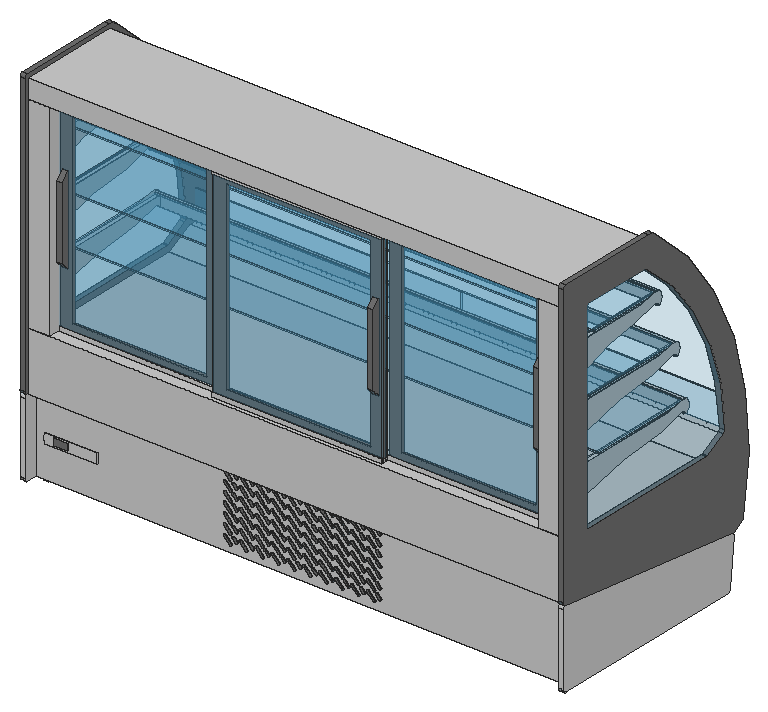
Revit family "QF_INFRICO_VBR18DS_250814024348", category Specialty Equipment, Revit 2021 (continued)
Definition of nested family "QF_INFRICO_VBR18DS_2920"
  Forms (mm)
    Extrusion 68, solid
      sketch origin (1955.876, -765.123, -1.698) x (-1, 0, 0) y (0, 0, 1)
        loop
          line (977.168, 243.012) -> (965.855, 231.698)
          arc (965.855, 231.698) -> (965.855, 225.335) -> (972.219, 225.335) r 4.5
        loop
          line (992.976, 246.364) -> (1014.896, 268.284)
          arc (1014.896, 268.284) -> (1014.896, 274.648) -> (1008.532, 274.648) r 4.5
          line (1008.532, 274.648) -> (986.612, 252.728)
          arc (986.612, 252.728) -> (986.612, 246.364) -> (992.976, 246.364) r 4.5
        loop
          line (972.219, 259.335) -> (983.532, 270.648)
          arc (983.532, 270.648) -> (983.532, 277.012) -> (977.168, 277.012) r 4.5
          line (977.168, 277.012) -> (965.855, 265.698)
          arc (965.855, 265.698) -> (965.855, 259.335) -> (972.219, 259.335) r 4.5
        loop
          line (936.976, 42.364) -> (958.896, 64.284)
          arc (958.896, 64.284) -> (958.896, 70.648) -> (952.532, 70.648) r 4.5
          line (952.532, 70.648) -> (930.612, 48.728)
          arc (930.612, 48.728) -> (930.612, 42.364) -> (936.976, 42.364) r 4.5
        loop
          line (916.219, 55.335) -> (927.532, 66.648)
          arc (927.532, 66.648) -> (927.532, 73.012) -> (921.168, 73.012) r 4.5
          line (921.168, 73.012) -> (909.855, 61.698)
          arc (909.855, 61.698) -> (909.855, 55.335) -> (916.219, 55.335) r 4.5
        loop
          line (936.976, 76.364) -> (958.896, 98.284)
          arc (958.896, 98.284) -> (958.896, 104.648) -> (952.532, 104.648) r 4.5
          line (952.532, 104.648) -> (930.612, 82.728)
          arc (930.612, 82.728) -> (930.612, 76.364) -> (936.976, 76.364) r 4.5
        loop
          line (916.219, 89.335) -> (927.532, 100.648)
          arc (927.532, 100.648) -> (927.532, 107.012) -> (921.168, 107.012) r 4.5
          line (921.168, 107.012) -> (909.855, 95.698)
          arc (909.855, 95.698) -> (909.855, 89.335) -> (916.219, 89.335) r 4.5
        loop
          line (936.976, 110.364) -> (958.896, 132.284)
          arc (958.896, 132.284) -> (958.896, 138.648) -> (952.532, 138.648) r 4.5
          line (952.532, 138.648) -> (930.612, 116.728)
          arc (930.612, 116.728) -> (930.612, 110.364) -> (936.976, 110.364) r 4.5
        loop
          line (916.219, 123.335) -> (927.532, 134.648)
          arc (927.532, 134.648) -> (927.532, 141.012) -> (921.168, 141.012) r 4.5
          line (921.168, 141.012) -> (909.855, 129.698)
          arc (909.855, 129.698) -> (909.855, 123.335) -> (916.219, 123.335) r 4.5
        loop
          line (936.976, 144.364) -> (958.896, 166.284)
          arc (958.896, 166.284) -> (958.896, 172.648) -> (952.532, 172.648) r 4.5
          line (952.532, 172.648) -> (930.612, 150.728)
          arc (930.612, 150.728) -> (930.612, 144.364) -> (936.976, 144.364) r 4.5
        loop
          line (916.219, 157.335) -> (927.532, 168.648)
          arc (927.532, 168.648) -> (927.532, 175.012) -> (921.168, 175.012) r 4.5
          line (921.168, 175.012) -> (909.855, 163.698)
          arc (909.855, 163.698) -> (909.855, 157.335) -> (916.219, 157.335) r 4.5
        loop
          line (936.976, 178.364) -> (958.896, 200.284)
          arc (958.896, 200.284) -> (958.896, 206.648) -> (952.532, 206.648) r 4.5
          line (952.532, 206.648) -> (930.612, 184.728)
          arc (930.612, 184.728) -> (930.612, 178.364) -> (936.976, 178.364) r 4.5
        loop
          line (916.219, 191.335) -> (927.532, 202.648)
          arc (927.532, 202.648) -> (927.532, 209.012) -> (921.168, 209.012) r 4.5
          line (921.168, 209.012) -> (909.855, 197.698)
          arc (909.855, 197.698) -> (909.855, 191.335) -> (916.219, 191.335) r 4.5
        loop
          line (936.976, 212.364) -> (958.896, 234.284)
          arc (958.896, 234.284) -> (958.896, 240.648) -> (952.532, 240.648) r 4.5
          line (952.532, 240.648) -> (930.612, 218.728)
          arc (930.612, 218.728) -> (930.612, 212.364) -> (936.976, 212.364) r 4.5
        loop
          line (916.219, 225.335) -> (927.532, 236.648)
          arc (927.532, 236.648) -> (927.532, 243.012) -> (921.168, 243.012) r 4.5
          line (921.168, 243.012) -> (909.855, 231.698)
          arc (909.855, 231.698) -> (909.855, 225.335) -> (916.219, 225.335) r 4.5
        loop
          line (936.976, 246.364) -> (958.896, 268.284)
          arc (958.896, 268.284) -> (958.896, 274.648) -> (952.532, 274.648) r 4.5
          line (952.532, 274.648) -> (930.612, 252.728)
          arc (930.612, 252.728) -> (930.612, 246.364) -> (936.976, 246.364) r 4.5
        loop
          line (916.219, 259.335) -> (927.532, 270.648)
          arc (927.532, 270.648) -> (927.532, 277.012) -> (921.168, 277.012) r 4.5
          line (921.168, 277.012) -> (909.855, 265.698)
          arc (909.855, 265.698) -> (909.855, 259.335) -> (916.219, 259.335) r 4.5
        loop
          line (880.976, 42.364) -> (902.896, 64.284)
          arc (902.896, 64.284) -> (902.896, 70.648) -> (896.532, 70.648) r 4.5
          line (896.532, 70.648) -> (874.612, 48.728)
          arc (874.612, 48.728) -> (874.612, 42.364) -> (880.976, 42.364) r 4.5
        loop
          line (860.219, 55.335) -> (871.532, 66.648)
          arc (871.532, 66.648) -> (871.532, 73.012) -> (865.168, 73.012) r 4.5
          line (865.168, 73.012) -> (853.855, 61.698)
          arc (853.855, 61.698) -> (853.855, 55.335) -> (860.219, 55.335) r 4.5
        loop
          line (880.976, 76.364) -> (902.896, 98.284)
          arc (902.896, 98.284) -> (902.896, 104.648) -> (896.532, 104.648) r 4.5
          line (896.532, 104.648) -> (874.612, 82.728)
          arc (874.612, 82.728) -> (874.612, 76.364) -> (880.976, 76.364) r 4.5
        loop
          line (860.219, 89.335) -> (871.532, 100.648)
          arc (871.532, 100.648) -> (871.532, 107.012) -> (865.168, 107.012) r 4.5
          line (865.168, 107.012) -> (853.855, 95.698)
          arc (853.855, 95.698) -> (853.855, 89.335) -> (860.219, 89.335) r 4.5
        loop
          line (880.976, 110.364) -> (902.896, 132.284)
          arc (902.896, 132.284) -> (902.896, 138.648) -> (896.532, 138.648) r 4.5
          line (896.532, 138.648) -> (874.612, 116.728)
          arc (874.612, 116.728) -> (874.612, 110.364) -> (880.976, 110.364) r 4.5
        loop
          line (860.219, 123.335) -> (871.532, 134.648)
          arc (871.532, 134.648) -> (871.532, 141.012) -> (865.168, 141.012) r 4.5
          line (865.168, 141.012) -> (853.855, 129.698)
          arc (853.855, 129.698) -> (853.855, 123.335) -> (860.219, 123.335) r 4.5
        loop
          line (880.976, 144.364) -> (902.896, 166.284)
          arc (902.896, 166.284) -> (902.896, 172.648) -> (896.532, 172.648) r 4.5
          line (896.532, 172.648) -> (874.612, 150.728)
          arc (874.612, 150.728) -> (874.612, 144.364) -> (880.976, 144.364) r 4.5
        loop
          line (860.219, 157.335) -> (871.532, 168.648)
          arc (871.532, 168.648) -> (871.532, 175.012) -> (865.168, 175.012) r 4.5
          line (865.168, 175.012) -> (853.855, 163.698)
          arc (853.855, 163.698) -> (853.855, 157.335) -> (860.219, 157.335) r 4.5
        loop
          line (880.976, 178.364) -> (902.896, 200.284)
          arc (902.896, 200.284) -> (902.896, 206.648) -> (896.532, 206.648) r 4.5
          line (896.532, 206.648) -> (874.612, 184.728)
          arc (874.612, 184.728) -> (874.612, 178.364) -> (880.976, 178.364) r 4.5
        loop
          line (860.219, 191.335) -> (871.532, 202.648)
          arc (871.532, 202.648) -> (871.532, 209.012) -> (865.168, 209.012) r 4.5
          line (865.168, 209.012) -> (853.855, 197.698)
          arc (853.855, 197.698) -> (853.855, 191.335) -> (860.219, 191.335) r 4.5
        loop
          line (880.976, 212.364) -> (902.896, 234.284)
          arc (902.896, 234.284) -> (902.896, 240.648) -> (896.532, 240.648) r 4.5
          line (896.532, 240.648) -> (874.612, 218.728)
          arc (874.612, 218.728) -> (874.612, 212.364) -> (880.976, 212.364) r 4.5
        loop
          line (860.219, 225.335) -> (871.532, 236.648)
          arc (871.532, 236.648) -> (871.532, 243.012) -> (865.168, 243.012) r 4.5
          line (865.168, 243.012) -> (853.855, 231.698)
          arc (853.855, 231.698) -> (853.855, 225.335) -> (860.219, 225.335) r 4.5
        loop
          line (880.976, 246.364) -> (902.896, 268.284)
          arc (902.896, 268.284) -> (902.896, 274.648) -> (896.532, 274.648) r 4.5
          line (896.532, 274.648) -> (874.612, 252.728)
          arc (874.612, 252.728) -> (874.612, 246.364) -> (880.976, 246.364) r 4.5
        loop
          line (860.219, 259.335) -> (871.532, 270.648)
          arc (871.532, 270.648) -> (871.532, 277.012) -> (865.168, 277.012) r 4.5
          line (865.168, 277.012) -> (853.855, 265.698)
          arc (853.855, 265.698) -> (853.855, 259.335) -> (860.219, 259.335) r 4.5
        loop
          line (824.976, 42.364) -> (846.896, 64.284)
          arc (846.896, 64.284) -> (846.896, 70.648) -> (840.532, 70.648) r 4.5
          line (840.532, 70.648) -> (818.612, 48.728)
          arc (818.612, 48.728) -> (818.612, 42.364) -> (824.976, 42.364) r 4.5
        loop
          line (804.219, 55.335) -> (815.532, 66.648)
          arc (815.532, 66.648) -> (815.532, 73.012) -> (809.168, 73.012) r 4.5
          line (809.168, 73.012) -> (797.855, 61.698)
          arc (797.855, 61.698) -> (797.855, 55.335) -> (804.219, 55.335) r 4.5
        loop
          line (824.976, 76.364) -> (846.896, 98.284)
          arc (846.896, 98.284) -> (846.896, 104.648) -> (840.532, 104.648) r 4.5
          line (840.532, 104.648) -> (818.612, 82.728)
          arc (818.612, 82.728) -> (818.612, 76.364) -> (824.976, 76.364) r 4.5
        loop
          line (804.219, 89.335) -> (815.532, 100.648)
          arc (815.532, 100.648) -> (815.532, 107.012) -> (809.168, 107.012) r 4.5
          line (809.168, 107.012) -> (797.855, 95.698)
          arc (797.855, 95.698) -> (797.855, 89.335) -> (804.219, 89.335) r 4.5
        loop
          line (824.976, 110.364) -> (846.896, 132.284)
          arc (846.896, 132.284) -> (846.896, 138.648) -> (840.532, 138.648) r 4.5
          line (840.532, 138.648) -> (818.612, 116.728)
          arc (818.612, 116.728) -> (818.612, 110.364) -> (824.976, 110.364) r 4.5
        loop
          line (804.219, 123.335) -> (815.532, 134.648)
          arc (815.532, 134.648) -> (815.532, 141.012) -> (809.168, 141.012) r 4.5
          line (809.168, 141.012) -> (797.855, 129.698)
          arc (797.855, 129.698) -> (797.855, 123.335) -> (804.219, 123.335) r 4.5
        loop
          line (824.976, 144.364) -> (846.896, 166.284)
          arc (846.896, 166.284) -> (846.896, 172.648) -> (840.532, 172.648) r 4.5
          line (840.532, 172.648) -> (818.612, 150.728)
          arc (818.612, 150.728) -> (818.612, 144.364) -> (824.976, 144.364) r 4.5
        loop
          line (804.219, 157.335) -> (815.532, 168.648)
          arc (815.532, 168.648) -> (815.532, 175.012) -> (809.168, 175.012) r 4.5
          line (809.168, 175.012) -> (797.855, 163.698)
          arc (797.855, 163.698) -> (797.855, 157.335) -> (804.219, 157.335) r 4.5
        loop
          line (824.976, 178.364) -> (846.896, 200.284)
          arc (846.896, 200.284) -> (846.896, 206.648) -> (840.532, 206.648) r 4.5
          line (840.532, 206.648) -> (818.612, 184.728)
          arc (818.612, 184.728) -> (818.612, 178.364) -> (824.976, 178.364) r 4.5
        loop
          line (804.219, 191.335) -> (815.532, 202.648)
          arc (815.532, 202.648) -> (815.532, 209.012) -> (809.168, 209.012) r 4.5
          line (809.168, 209.012) -> (797.855, 197.698)
          arc (797.855, 197.698) -> (797.855, 191.335) -> (804.219, 191.335) r 4.5
        loop
          line (824.976, 212.364) -> (846.896, 234.284)
          arc (846.896, 234.284) -> (846.896, 240.648) -> (840.532, 240.648) r 4.5
          line (840.532, 240.648) -> (818.612, 218.728)
          arc (818.612, 218.728) -> (818.612, 212.364) -> (824.976, 212.364) r 4.5
        loop
          line (804.219, 225.335) -> (815.532, 236.648)
          arc (815.532, 236.648) -> (815.532, 243.012) -> (809.168, 243.012) r 4.5
          line (809.168, 243.012) -> (797.855, 231.698)
          arc (797.855, 231.698) -> (797.855, 225.335) -> (804.219, 225.335) r 4.5
        loop
          line (824.976, 246.364) -> (846.896, 268.284)
          arc (846.896, 268.284) -> (846.896, 274.648) -> (840.532, 274.648) r 4.5
          line (840.532, 274.648) -> (818.612, 252.728)
          arc (818.612, 252.728) -> (818.612, 246.364) -> (824.976, 246.364) r 4.5
        loop
          line (804.219, 259.335) -> (815.532, 270.648)
          arc (815.532, 270.648) -> (815.532, 277.012) -> (809.168, 277.012) r 4.5
          line (809.168, 277.012) -> (797.855, 265.698)
          arc (797.855, 265.698) -> (797.855, 259.335) -> (804.219, 259.335) r 4.5
        loop
          line (768.976, 42.364) -> (790.896, 64.284)
          arc (790.896, 64.284) -> (790.896, 70.648) -> (784.532, 70.648) r 4.5
          line (784.532, 70.648) -> (762.612, 48.728)
          arc (762.612, 48.728) -> (762.612, 42.364) -> (768.976, 42.364) r 4.5
        loop
          line (748.219, 55.335) -> (759.532, 66.648)
          arc (759.532, 66.648) -> (759.532, 73.012) -> (753.168, 73.012) r 4.5
          line (753.168, 73.012) -> (741.855, 61.698)
          arc (741.855, 61.698) -> (741.855, 55.335) -> (748.219, 55.335) r 4.5
        loop
          line (768.976, 76.364) -> (790.896, 98.284)
          arc (790.896, 98.284) -> (790.896, 104.648) -> (784.532, 104.648) r 4.5
          line (784.532, 104.648) -> (762.612, 82.728)
          arc (762.612, 82.728) -> (762.612, 76.364) -> (768.976, 76.364) r 4.5
        loop
          line (748.219, 89.335) -> (759.532, 100.648)
          arc (759.532, 100.648) -> (759.532, 107.012) -> (753.168, 107.012) r 4.5
          line (753.168, 107.012) -> (741.855, 95.698)
          arc (741.855, 95.698) -> (741.855, 89.335) -> (748.219, 89.335) r 4.5
        loop
          line (768.976, 110.364) -> (790.896, 132.284)
          arc (790.896, 132.284) -> (790.896, 138.648) -> (784.532, 138.648) r 4.5
          line (784.532, 138.648) -> (762.612, 116.728)
          arc (762.612, 116.728) -> (762.612, 110.364) -> (768.976, 110.364) r 4.5
        loop
          line (748.219, 123.335) -> (759.532, 134.648)
          arc (759.532, 134.648) -> (759.532, 141.012) -> (753.168, 141.012) r 4.5
          line (753.168, 141.012) -> (741.855, 129.698)
          arc (741.855, 129.698) -> (741.855, 123.335) -> (748.219, 123.335) r 4.5
        loop
          line (768.976, 144.364) -> (790.896, 166.284)
          arc (790.896, 166.284) -> (790.896, 172.648) -> (784.532, 172.648) r 4.5
          line (784.532, 172.648) -> (762.612, 150.728)
          arc (762.612, 150.728) -> (762.612, 144.364) -> (768.976, 144.364) r 4.5
        loop
          line (748.219, 157.335) -> (759.532, 168.648)
          arc (759.532, 168.648) -> (759.532, 175.012) -> (753.168, 175.012) r 4.5
          line (753.168, 175.012) -> (741.855, 163.698)
          arc (741.855, 163.698) -> (741.855, 157.335) -> (748.219, 157.335) r 4.5
        loop
          line (768.976, 178.364) -> (790.896, 200.284)
          arc (790.896, 200.284) -> (790.896, 206.648) -> (784.532, 206.648) r 4.5
          line (784.532, 206.648) -> (762.612, 184.728)
          arc (762.612, 184.728) -> (762.612, 178.364) -> (768.976, 178.364) r 4.5
        loop
          line (748.219, 191.335) -> (759.532, 202.648)
          arc (759.532, 202.648) -> (759.532, 209.012) -> (753.168, 209.012) r 4.5
          line (753.168, 209.012) -> (741.855, 197.698)
          arc (741.855, 197.698) -> (741.855, 191.335) -> (748.219, 191.335) r 4.5
        loop
          line (768.976, 212.364) -> (790.896, 234.284)
          arc (790.896, 234.284) -> (790.896, 240.648) -> (784.532, 240.648) r 4.5
          line (784.532, 240.648) -> (762.612, 218.728)
          arc (762.612, 218.728) -> (762.612, 212.364) -> (768.976, 212.364) r 4.5
        loop
          line (748.219, 225.335) -> (759.532, 236.648)
          arc (759.532, 236.648) -> (759.532, 243.012) -> (753.168, 243.012) r 4.5
          line (753.168, 243.012) -> (741.855, 231.698)
          arc (741.855, 231.698) -> (741.855, 225.335) -> (748.219, 225.335) r 4.5
        loop
          line (768.976, 246.364) -> (790.896, 268.284)
          arc (790.896, 268.284) -> (790.896, 274.648) -> (784.532, 274.648) r 4.5
          line (784.532, 274.648) -> (762.612, 252.728)
          arc (762.612, 252.728) -> (762.612, 246.364) -> (768.976, 246.364) r 4.5
        loop
          line (748.219, 259.335) -> (759.532, 270.648)
          arc (759.532, 270.648) -> (759.532, 277.012) -> (753.168, 277.012) r 4.5
          line (753.168, 277.012) -> (741.855, 265.698)
          arc (741.855, 265.698) -> (741.855, 259.335) -> (748.219, 259.335) r 4.5
      from 0 to 2
    Extrusion 69, solid
      sketch origin (-1164.261, -765.023, -465.555) x (1, 0, 0) y (0, 0, 1)
        loop
          arc (1199.261, 600.555) -> (1290.761, 599.555) -> (1382.261, 600.555) r 4186.625
          arc (1382.261, 600.555) -> (1383.261, 617.555) -> (1382.261, 634.555) r 145
          arc (1382.261, 634.555) -> (1290.761, 635.555) -> (1199.261, 634.555) r 4186.625
          arc (1199.261, 634.555) -> (1198.261, 617.555) -> (1199.261, 600.555) r 145
      from 0 to 5
    Extrusion 70, solid
      sketch origin (-1145.261, -768.123, -465.555) x (1, 0, 0) y (0, 0, 1)
        loop
          line (1212.261, 629.555) -> (1212.261, 605.555) -> (1262.261, 605.555) -> (1262.261, 629.555) -> (1212.261, 629.555)
      from 0 to 2
    Extrusion 71, solid, visible <- "Show Logo"
      sketch origin (1362.72, -52.93, -305.042) x (-1, 0, 0) y (0, -0.045615, -0.998959)
        loop
          line (1208.799, -696.53) -> (1204.173, -696.53) -> (1204.173, -719.204) -> (1208.799, -719.204) -> (1208.799, -696.53)
        loop
          arc (1214.779, -713.006) -> (1215.36, -712.765) -> (1215.601, -712.184) r 0.822
          line (1215.601, -712.184) -> (1215.669, -711.361)
          arc (1215.669, -711.361) -> (1218.282, -712.674) -> (1221.141, -713.281) r 11.435
          arc (1221.141, -713.281) -> (1224.637, -712.075) -> (1226.121, -708.689) r 4.607
          line (1226.121, -708.689) -> (1226.121, -696.53) -> (1221.598, -696.53) -> (1221.598, -707.557)
          arc (1221.598, -707.557) -> (1220.929, -708.961) -> (1219.417, -709.324) r 1.806
          arc (1219.417, -709.324) -> (1217.528, -708.741) -> (1215.772, -707.832) r 11.052
          line (1215.772, -707.832) -> (1215.772, -696.53) -> (1211.283, -696.53) -> (1211.283, -713.006) -> (1214.779, -713.006)
        loop
          line (1238.557, -720.102) -> (1238.557, -717.255)
          arc (1238.557, -717.255) -> (1238.306, -716.65) -> (1237.7, -716.399) r 0.857
          line (1237.7, -716.399) -> (1236.045, -716.271)
          arc (1236.045, -716.271) -> (1234.956, -715.705) -> (1234.547, -714.548) r 1.67
          line (1234.547, -714.548) -> (1234.547, -712.938) -> (1238.249, -712.938) -> (1238.249, -709.374) -> (1234.547, -709.374) -> (1234.547, -696.53) -> (1230.024, -696.53) -> (1230.024, -709.374) -> (1227.351, -709.374) -> (1227.351, -712.703) -> (1230.024, -712.909) -> (1230.024, -715.062)
          arc (1230.024, -715.062) -> (1230.805, -717.616) -> (1232.881, -719.297) r 4.567
          arc (1232.881, -719.297) -> (1235.052, -719.926) -> (1237.306, -720.102) r 11.103
          line (1237.306, -720.102) -> (1238.557, -720.102)
        loop
          line (1239.479, -713.006) -> (1243.726, -713.006) -> (1243.899, -710.984)
          arc (1243.899, -710.984) -> (1246.197, -712.588) -> (1248.912, -713.28) r 7.833
          arc (1248.912, -713.28) -> (1249.531, -713.061) -> (1249.793, -712.458) r 0.824
          line (1249.793, -712.458) -> (1249.793, -710.265)
          arc (1249.793, -710.265) -> (1249.643, -709.758) -> (1249.241, -709.416) r 0.928
          line (1249.241, -709.416) -> (1248.077, -709.268)
          arc (1248.077, -709.268) -> (1245.873, -708.631) -> (1243.968, -707.352) r 7.435
          line (1243.968, -707.352) -> (1243.968, -696.53) -> (1239.479, -696.53) -> (1239.479, -713.006)
        loop
          line (1255.495, -696.53) -> (1251.006, -696.53) -> (1251.006, -713.006) -> (1255.495, -713.006) -> (1255.495, -696.53)
        loop
          line (1257.421, -701.327) -> (1257.421, -708.243)
          arc (1257.421, -708.243) -> (1258.571, -711.349) -> (1261.466, -712.959) r 4.772
          arc (1261.466, -712.959) -> (1264.493, -713.294) -> (1267.521, -712.959) r 13.851
          arc (1267.521, -712.959) -> (1270.524, -710.556) -> (1271.505, -706.838) r 6.132
          line (1271.505, -706.838) -> (1267.187, -706.838) -> (1267.187, -707.9)
          arc (1267.187, -707.9) -> (1266.64, -709.118) -> (1265.442, -709.705) r 1.965
          arc (1265.442, -709.705) -> (1264.547, -709.754) -> (1263.653, -709.705) r 8.196
          arc (1263.653, -709.705) -> (1262.417, -709.155) -> (1261.91, -707.9) r 1.806
          line (1261.91, -707.9) -> (1261.91, -701.67)
          arc (1261.91, -701.67) -> (1262.417, -700.415) -> (1263.653, -699.865) r 1.806
          arc (1263.653, -699.865) -> (1264.547, -699.816) -> (1265.442, -699.865) r 8.196
          arc (1265.442, -699.865) -> (1266.64, -700.452) -> (1267.187, -701.67) r 1.965
          line (1267.187, -701.67) -> (1267.187, -703.041) -> (1271.505, -703.041)
          arc (1271.505, -703.041) -> (1270.575, -699.134) -> (1267.521, -696.525) r 6.481
          arc (1267.521, -696.525) -> (1264.493, -696.266) -> (1261.466, -696.525) r 17.816
          arc (1261.466, -696.525) -> (1258.567, -698.188) -> (1257.421, -701.327) r 4.873
        loop
          line (1272.916, -701.329) -> (1272.916, -708.242)
          arc (1272.916, -708.242) -> (1273.993, -711.226) -> (1276.726, -712.837) r 4.676
          arc (1276.726, -712.837) -> (1278.515, -713.116) -> (1280.318, -713.28) r 28.371
          arc (1280.318, -713.28) -> (1282.122, -713.116) -> (1283.911, -712.837) r 28.371
          arc (1283.911, -712.837) -> (1286.644, -711.226) -> (1287.72, -708.242) r 4.676
          line (1287.72, -708.242) -> (1287.72, -701.329)
          arc (1287.72, -701.329) -> (1286.644, -698.345) -> (1283.911, -696.734) r 4.676
          arc (1283.911, -696.734) -> (1282.122, -696.455) -> (1280.318, -696.291) r 28.371
          arc (1280.318, -696.291) -> (1278.515, -696.455) -> (1276.726, -696.734) r 28.371
          arc (1276.726, -696.734) -> (1273.993, -698.345) -> (1272.916, -701.329) r 4.676
        loop
          arc (1277.405, -707.866) -> (1277.844, -709.015) -> (1278.936, -709.58) r 1.725
          arc (1278.936, -709.58) -> (1279.627, -709.653) -> (1280.318, -709.716) r 46.133
          arc (1280.318, -709.716) -> (1281.01, -709.653) -> (1281.701, -709.58) r 46.133
          arc (1281.701, -709.58) -> (1282.793, -709.015) -> (1283.231, -707.866) r 1.725
          line (1283.231, -707.866) -> (1283.231, -701.705)
          arc (1283.231, -701.705) -> (1282.793, -700.556) -> (1281.701, -699.991) r 1.725
          arc (1281.701, -699.991) -> (1281.01, -699.918) -> (1280.318, -699.856) r 46.133
          arc (1280.318, -699.856) -> (1279.627, -699.918) -> (1278.936, -699.991) r 46.133
          arc (1278.936, -699.991) -> (1277.844, -700.556) -> (1277.405, -701.705) r 1.725
          line (1277.405, -701.705) -> (1277.405, -707.866)
        loop
          line (1190.339, -696.543) -> (1170.042, -696.543)
          arc (1170.042, -696.543) -> (1168.969, -696.987) -> (1168.525, -698.059) r 1.516
          line (1168.525, -698.059) -> (1168.525, -703.891) -> (1164.346, -703.891)
          arc (1164.346, -703.891) -> (1163.591, -704.121) -> (1163.163, -704.782) r 1.147
          line (1163.163, -704.782) -> (1163.163, -706.211)
          arc (1163.163, -706.211) -> (1163.594, -707.258) -> (1164.662, -707.634) r 1.385
          line (1164.662, -707.634) -> (1165.861, -707.634) -> (1163.163, -710.332)
          arc (1163.163, -710.332) -> (1162.776, -711.266) -> (1163.163, -712.2) r 1.321
          line (1163.163, -712.2) -> (1163.886, -712.923)
          arc (1163.886, -712.923) -> (1164.841, -713.338) -> (1165.823, -712.991) r 1.422
          line (1165.823, -712.991) -> (1168.528, -710.286) -> (1168.528, -711.479)
          arc (1168.528, -711.479) -> (1168.938, -712.516) -> (1169.946, -712.992) r 1.516
          line (1169.946, -712.992) -> (1170.867, -712.992)
          arc (1170.867, -712.992) -> (1171.87, -712.514) -> (1172.278, -711.479) r 1.516
          line (1172.278, -711.479) -> (1172.278, -706.83) -> (1178.308, -701.336) -> (1178.308, -707.509) -> (1174.742, -711.075)
          arc (1174.742, -711.075) -> (1174.328, -712.073) -> (1174.742, -713.071) r 1.412
          line (1174.742, -713.071) -> (1175.394, -713.723)
          arc (1175.394, -713.723) -> (1176.442, -714.141) -> (1177.466, -713.667) r 1.428
          line (1177.466, -713.667) -> (1178.308, -712.825) -> (1178.308, -717.784)
          arc (1178.308, -717.784) -> (1178.723, -718.787) -> (1179.726, -719.203) r 1.418
          line (1179.726, -719.203) -> (1180.655, -719.203)
          arc (1180.655, -719.203) -> (1181.658, -718.787) -> (1182.073, -717.784) r 1.418
          line (1182.073, -717.784) -> (1182.073, -712.825) -> (1182.915, -713.667)
          arc (1182.915, -713.667) -> (1183.939, -714.141) -> (1184.987, -713.723) r 1.428
          line (1184.987, -713.723) -> (1185.639, -713.071)
          arc (1185.639, -713.071) -> (1186.053, -712.073) -> (1185.639, -711.075) r 1.412
          line (1185.639, -711.075) -> (1182.073, -707.509) -> (1182.073, -701.336) -> (1188.103, -706.83) -> (1188.103, -711.479)
          arc (1188.103, -711.479) -> (1188.511, -712.514) -> (1189.514, -712.992) r 1.516
          line (1189.514, -712.992) -> (1190.435, -712.992)
          arc (1190.435, -712.992) -> (1191.443, -712.516) -> (1191.853, -711.479) r 1.516
          line (1191.853, -711.479) -> (1191.853, -710.286) -> (1194.558, -712.991)
          arc (1194.558, -712.991) -> (1195.54, -713.338) -> (1196.495, -712.923) r 1.422
          line (1196.495, -712.923) -> (1197.218, -712.2)
          arc (1197.218, -712.2) -> (1197.605, -711.266) -> (1197.218, -710.332) r 1.321
          line (1197.218, -710.332) -> (1194.52, -707.634) -> (1195.719, -707.634)
          arc (1195.719, -707.634) -> (1196.787, -707.258) -> (1197.218, -706.211) r 1.385
          line (1197.218, -706.211) -> (1197.218, -704.782)
          arc (1197.218, -704.782) -> (1196.79, -704.121) -> (1196.035, -703.891) r 1.147
          line (1196.035, -703.891) -> (1191.856, -703.891) -> (1191.856, -698.059)
          arc (1191.856, -698.059) -> (1191.411, -696.987) -> (1190.339, -696.543) r 1.516
      from 0 to 2
    Extrusion 72, solid
      sketch origin (-1000, 0, 479) x (1, 0, 0) y (0, 1, 0)
        loop
          line (1000, -699.023) -> (1050, -699.023) -> (1050, -739.023) -> (2825, -739.023) -> (2825, -699.023) -> (2875, -699.023) -> (2875, -688.023) -> (1000, -688.023) -> (1000, -699.023)
      from 0 to 2
    Extrusion 73, solid
      sketch origin (0, 0, 0) x (0, 1, 0) y (0, 0, 1)
        loop
          line (-688.023, 479) -> (-690.023, 479) -> (-690.023, 448) -> (-688.023, 448) -> (-688.023, 479)
      from 0 to 1875
    Extrusion 74, solid
      sketch origin (110, 26, 0) x (0, 1, 0) y (0, 0, -1)
        loop
          line (-786.023, -708.5) -> (-810, -734.5) -> (-810, -989.525) -> (-786.023, -1015.5) -> (-786.023, -708.5)
      from 0 to 19
    Extrusion 75, solid
      sketch origin (1765, 26, 0) x (0, 1, 0) y (0, 0, 1)
        loop
          line (-786.023, 708.5) -> (-786.023, 1015.5) -> (-810, 989.525) -> (-810, 734.5) -> (-786.023, 708.5)
      from 0 to 19
    Extrusion 76, solid
      sketch origin (1235, -679.936, 48.526) x (0, -1, 0) y (0, 0, -1)
        loop
          line (80.087, -1163.474) -> (80.087, -463.474) -> (75.087, -463.474) -> (75.087, -1163.474) -> (80.087, -1163.474)
      from 0 to 562
    Extrusion 77, solid
      sketch origin (1235, -666.936, 48.526) x (0, -1, 0) y (0, 0, -1)
        loop
          line (80.087, -1163.474) -> (80.087, -463.474) -> (75.087, -463.474) -> (75.087, -1163.474) -> (80.087, -1163.474)
      from 0 to 562
    Extrusion 78, solid
      sketch origin (2235, -679.936, 48.526) x (1, 0, 0) y (0, 0, -1)
        loop
          line (-1000, -1163.474) -> (-438, -1163.474) -> (-438, -463.474) -> (-1000, -463.474) -> (-1000, -1163.474)
        loop
          line (-483, -488.474) -> (-955, -488.474) -> (-955, -1138.474) -> (-483, -1138.474) -> (-483, -488.474)
      from -75.087 to -67.087
    Extrusion 79, solid
      sketch origin (1235, -679.936, 1675.474) x (0, -1, 0) y (0, 0, -1)
        loop
          line (80.087, 1157.474) -> (83.087, 1157.474) -> (83.087, 1173.474) -> (80.087, 1173.474) -> (80.087, 1166.474) -> (74.087, 1166.474) -> (74.087, 1173.474) -> (68.087, 1173.474) -> (68.087, 1166.474) -> (62.087, 1166.474) -> (62.087, 1173.474) -> (59.087, 1173.474) -> (59.087, 1157.474) -> (62.087, 1157.474) -> (62.087, 1163.474) -> (80.087, 1163.474) -> (80.087, 1157.474)
      from 0 to 562
    Extrusion 80, solid
      sketch origin (1235, -679.936, 48.526) x (0, -1, 0) y (0, 0, -1)
        loop
          line (80.087, -1157.474) -> (80.087, -1163.474) -> (62.087, -1163.474) -> (62.087, -1157.474) -> (59.087, -1157.474) -> (59.087, -1173.474) -> (62.087, -1173.474) -> (62.087, -1166.474) -> (68.087, -1166.474) -> (68.087, -1173.474) -> (74.087, -1173.474) -> (74.087, -1166.474) -> (80.087, -1166.474) -> (80.087, -1173.474) -> (83.087, -1173.474) -> (83.087, -1157.474) -> (80.087, -1157.474)
      from 0 to 562
    Extrusion 81, solid
      sketch origin (1203, 0, 0) x (0, 1, 0) y (0, 0, 1)
        loop
          line (-786.023, 708.5) -> (-786.023, 1015.5) -> (-810, 989.525) -> (-810, 734.5) -> (-786.023, 708.5)
      from 0 to 19
    Extrusion 82, solid
      sketch origin (-1186.261, -424.423, 613.945) x (1, 0, 0) y (0, 0, -1)
        loop
          line (1212.261, -629.555) -> (1262.261, -629.555) -> (1262.261, -605.555) -> (1212.261, -605.555) -> (1212.261, -629.555)
      from 0 to 2
    Extrusion 83, solid
      sketch origin (-32, 0, 0) x (0, 1, 0) y (0, 0, 1)
        loop
          line (-422.523, 1219.5) -> (-422.523, 1243.5)
          arc (-422.523, 1243.5) -> (-423.255, 1245.268) -> (-425.023, 1246) r 2.5
          line (-425.023, 1246) -> (-425.023, 1217)
          arc (-425.023, 1217) -> (-423.255, 1217.732) -> (-422.523, 1219.5) r 2.5
      from 44 to 122
    Extrusion 84, solid
      sketch origin (937.5, -810.003, 0) x (0, -1, 0) y (0, 0, -1)
        loop
          line (-741.98, -471) -> (-747.98, -471) -> (-747.98, -621) -> (-741.98, -621) -> (-741.98, -471)
      from 0 to 937.5
    Extrusion 85, solid
      sketch origin (0, 0, 0) x (0, 1, 0) y (0, 0, 1)
        loop
          line (-466.023, 1276) -> (-511.023, 1276) -> (-511.023, 1220) -> (-466.023, 1220) -> (-466.023, 1276)
      from 0 to 1875
    Extrusion 86, solid
      sketch origin (0, 0, 39) x (0, 1, 0) y (0, 0, 1)
        loop
          line (-493.523, 1181) -> (-493.523, 1156)
          arc (-493.523, 1156) -> (-492.937, 1154.586) -> (-491.523, 1154) r 2
          line (-491.523, 1154) -> (-485.523, 1154)
          arc (-485.523, 1154) -> (-484.109, 1154.586) -> (-483.523, 1156) r 2
          line (-483.523, 1156) -> (-483.523, 1181) -> (-493.523, 1181)
      from 0 to 1875
    Extrusion 87, solid
      sketch origin (902.5, 0, 39) x (0, 1, 0) y (0, 0, 1)
        loop
          line (-485.523, 1137) -> (-482.523, 1137) -> (-482.523, 1122) -> (-461.523, 1122)
          arc (-461.523, 1122) -> (-457.523, 1126) -> (-461.523, 1130) r 4
          line (-461.523, 1130) -> (-474.523, 1130) -> (-474.523, 1147) -> (-485.523, 1147) -> (-485.523, 1137)
      from 0 to 70
    Extrusion 88, solid
      sketch origin (897.5, 0, 39) x (0, 1, 0) y (0, 0, 1)
        loop
          line (-461.523, 1130) -> (-474.523, 1130) -> (-474.523, 1147) -> (-485.523, 1147) -> (-485.523, 1154) -> (-491.523, 1154) -> (-491.523, 1137) -> (-482.523, 1137) -> (-482.523, 1122) -> (-461.523, 1122)
          arc (-461.523, 1122) -> (-457.523, 1126) -> (-461.523, 1130) r 4
      from 0 to 5
    Extrusion 89, solid
      sketch origin (972.5, 0, 39) x (0, 1, 0) y (0, 0, 1)
        loop
          line (-485.523, 1147) -> (-485.523, 1154) -> (-491.523, 1154) -> (-491.523, 1137) -> (-482.523, 1137) -> (-482.523, 1122) -> (-461.523, 1122)
          arc (-461.523, 1122) -> (-457.523, 1126) -> (-461.523, 1130) r 4
          line (-461.523, 1130) -> (-474.523, 1130) -> (-474.523, 1147) -> (-485.523, 1147)
      from 0 to 5
    Extrusion 90, solid
      sketch origin (907.5, 0, 0) x (0, 1, 0) y (0, 0, 1)
        loop
          line (-457.523, 1161) -> (-470.523, 1161) -> (-470.523, 1158) -> (-454.523, 1158) -> (-454.523, 1174) -> (-457.523, 1174) -> (-457.523, 1161)
      from 0 to 60
  Cuts and joins
    joined: Extrusion 72, Extrusion 73
  Lines and regions (mm)
    symbolic lines
      curve 1: line (1875, -800.023, 0) -> (1875, -810, 0)
      curve 2: line (1875, -810, 0) -> (1893, -810, 0)
      curve 3: line (1893, -810, 0) -> (1893, 0, 0)
      curve 4: line (1893, 0, 0) -> (1875, 0, 0)
      curve 5: line (1875, 0, 0) -> (1875, -18.791, 0)
      curve 6: line (1875, -18.791, 0) -> (0, -18.791, 0)
      curve 7: line (0, -18.791, 0) -> (0, 0, 0)
      curve 8: line (0, 0, 0) -> (-18, 0, 0)
      curve 9: line (-18, 0, 0) -> (-18, -810, 0)
      curve 10: line (-18, -810, 0) -> (0, -810, 0)
      curve 11: line (0, -810, 0) -> (0, -800.023, 0)
      curve 12: line (0, -800.023, 0) -> (1875, -800.023, 0)
      curve 13: line (0, -18.791, 0) -> (0, -800.023, 0)
      curve 14: line (1875, -800.023, 0) -> (1875, -18.791, 0)
      curve 15: line (1875, -49.195, 0) -> (0, -49.195, 0)
      curve 16: line (1875, -62.023, 0) -> (0, -62.023, 0)
      curve 17: line (0, -68.023, 0) -> (1875, -68.023, 0)
      curve 18: line (1875, -90.023, 0) -> (0, -90.023, 0)
      curve 19: line (0, -181.023, 0) -> (1875, -181.023, 0)
      curve 20: line (3, -236.023, 0) -> (3, -425.023, 0)
      curve 21: line (1875, -425.023, 0) -> (0, -425.023, 0)
      curve 22: line (1872, -425.023, 0) -> (1872, -236.023, 0)
      curve 23: line (3, -236.023, 0) -> (1872, -236.023, 0)
      curve 24: line (3, -356.023, 0) -> (1872, -356.023, 0)
      curve 25: line (3, -276.023, 0) -> (1872, -276.023, 0)
      curve 26: line (937.5, -68.023, 0) -> (937.5, -62.023, 0)
  Dimensions and locks
    plane 1 "Back" to plane 5 "Front" = 810 mm  (x2)
    plane 3 "Left" to plane 4 "Right" = 1875 mm
    plane 6 "Top" to level = 1300 mm  (x2)
    plane 4 "Right" to plane 3 "Left" = 1875 mm
    aligned and locked: level to plane 2
Definition of nested family "CONN_POINT_ELE_2D___Generic_Annotation"
  Parameters (values of type "CONN_POINT_ELE_2D___Generic_Annotation")
    Onboard connection annotation symbol visibility [instance] = yes
  Reference planes
    plane 1: y = 0
    plane 2: x = 0
  Lines and regions (mm)
    detail lines, visible <- "Onboard connection annotation symbol visibility"
      curve 1: circle (0, 0, 0) r 0.5 normal (0, 0, 1)
      curve 2: line (-1, 0, 0) -> (1, 0, 0)
      curve 3: line (0, 1, 0) -> (0, -1, 0)
      curve 4: line (2.5, 1, 0) -> (1.25, 1, 0)
      curve 5: line (1.25, 1, 0) -> (1.25, -1, 0)
      curve 6: line (1.25, -1, 0) -> (2.5, -1, 0)
      curve 7: line (1.25, 0, 0) -> (2, 0, 0)
